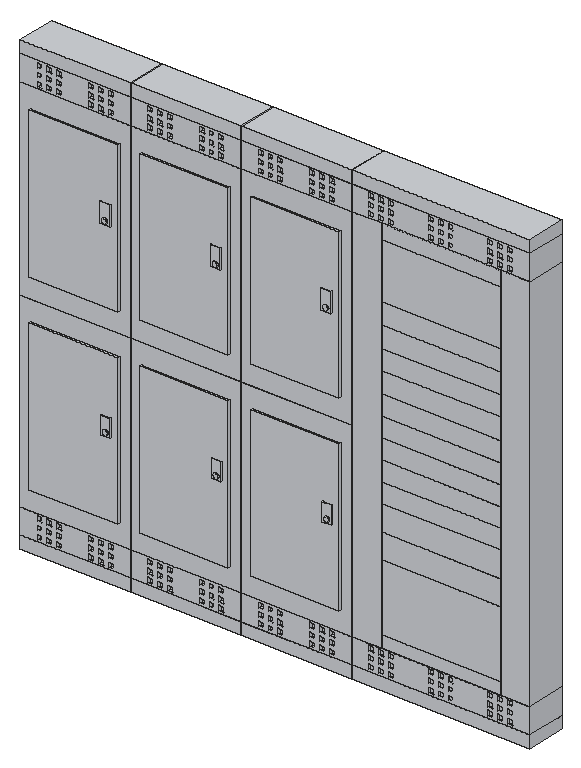
Revit family "Switchboard", category Generic Models, Revit 2025
Family settings
  Can host rebar = No
  Round Connector Dimension = Use Diameter
  Part Type = Normal
  Work Plane-Based = Yes
  Always vertical = Yes
  Cut with Voids When Loaded = No
  Maintain Annotation Orientation = Yes
  Shared = No
  Room Calculation Point = No
Parameters
  Width = 8' - 8"
  Default Elevation = 4' - 0"
Reference planes (in)
  plane 1 "Center (Front/Back)": y = 0
  plane 2: z = 0
  plane 3 "Center (Left/Right)": x = 0
  plane 4: x = -51.875
  plane 5: x = 0
  plane 6: y = 0
  plane 7 "center": z = 46.25
  plane 8: x = 51.875
Dimensions and locks (in)
  plane 5 to plane 4 = 4' - 3 7/8"
  plane 8 to plane 5 = 4' - 3 7/8"
  aligned and locked: level to plane 2
Nested families (in)
  nested 1: "Appliance Panel Top" at (-40.625, 0, 46.25), type "Standard"
  nested 2: "Appliance Panel Top" at (-18.125, 0, 46.25), type "Standard"
  nested 3: "Appliance Panel Top" at (4.375, 0, 46.25), type "Standard"
  nested 4: "Appliance Panel Bottom" at (-40.625, 0, 0), type "Standard"
  nested 5: "Appliance Panel Bottom" at (-18.125, 0, 0), type "Standard"
  nested 6: "Appliance Panel Bottom" at (4.375, 0, 0), type "Standard"
  nested 7: "Main Distribution Panel" at (33.75, 0, 0), type "Standard"
Definition of nested family "Appliance Panel Top"
  Parameters (values of type "Standard")
    Width = 1' - 10 1/2"
    Panel Width = 1' - 6"
    Depth = 0' - 8"
    Default Elevation = 4' - 0"
  Reference planes (in)
    plane 1 "Center (Front/Back)": y = 0
    plane 2: z = 0
    plane 3 "Center (Left/Right)": x = 0
    plane 4: z = 38.75
    plane 5: z = 44
    plane 6: z = 46.5
  Forms (in)
    Extrusion 1, solid
      sketch origin (0, 0, 0) x (1, 0, 0) y (0, 1, 0)
        loop
          line (-11.25, 4) -> (-11.25, -4) -> (11.25, -4) -> (11.25, 4) -> (-11.25, 4)
      from 0 to 38.75
    Extrusion 2, solid
      sketch origin (0, 0, 38.75) x (1, 0, 0) y (0, 1, 0)
        loop
          line (-11.25, 4) -> (-11.25, -4) -> (11.25, -4) -> (11.25, 4) -> (-11.25, 4)
      from 0 to 5.25
    Extrusion 3, solid
      sketch origin (0, 0, 44) x (1, 0, 0) y (0, 1, 0)
        loop
          line (-11.25, 4) -> (-11.25, -4) -> (11.25, -4) -> (11.25, 4) -> (-11.25, 4)
      from 0 to 2.5
    Extrusion 4, solid
      sketch origin (11.25, -4, 38.75) x (-1, 0, 0) y (0, 0, -1)
        loop
          line (20.25, 4.125) -> (20.25, 34.5) -> (2.25, 34.5) -> (2.25, 4.125) -> (20.25, 4.125)
      from 0 to 0.5
    Extrusion 5, solid
      sketch origin (11.25, -4.5, 38.75) x (-1, 0, 0) y (0, 0, -1)
        loop
          line (5.75, 15.5) -> (5.75, 19.5) -> (3.75, 19.5) -> (3.75, 15.5) -> (5.75, 15.5)
      from 0.16797 to 0
    Extrusion 6, solid
      sketch origin (11.25, -4.66797, 38.75) x (-1, 0, 0) y (0, 0, -1)
        loop
          circle (4.75, 18.75) r 0.5
      from 0 to 0.125
    Extrusion 7, void
      sketch origin (11.25, -4, 38.75) x (1, 0, 0) y (0, 0, -1)
        loop
          line (-19, -4.83333) -> (-18, -4.83333) -> (-18, -3.83333) -> (-19, -3.83333) -> (-19, -4.83333)
        loop
          line (-19, -3.125) -> (-18, -3.125) -> (-18, -2.125) -> (-19, -2.125) -> (-19, -3.125)
        loop
          line (-19, -1.4375) -> (-18, -1.4375) -> (-18, -0.4375) -> (-19, -0.4375) -> (-19, -1.4375)
        loop
          line (-17, -4.83333) -> (-16, -4.83333) -> (-16, -3.83333) -> (-17, -3.83333) -> (-17, -4.83333)
        loop
          line (-17, -3.125) -> (-16, -3.125) -> (-16, -2.125) -> (-17, -2.125) -> (-17, -3.125)
        loop
          line (-17, -1.4375) -> (-16, -1.4375) -> (-16, -0.4375) -> (-17, -0.4375) -> (-17, -1.4375)
        loop
          line (-15, -4.83333) -> (-14, -4.83333) -> (-14, -3.83333) -> (-15, -3.83333) -> (-15, -4.83333)
        loop
          line (-15, -3.125) -> (-14, -3.125) -> (-14, -2.125) -> (-15, -2.125) -> (-15, -3.125)
        loop
          line (-15, -1.4375) -> (-14, -1.4375) -> (-14, -0.4375) -> (-15, -0.4375) -> (-15, -1.4375)
        loop
          line (-3.5, -4.83333) -> (-3.5, -3.83333) -> (-4.5, -3.83333) -> (-4.5, -4.83333) -> (-3.5, -4.83333)
        loop
          line (-3.5, -3.125) -> (-3.5, -2.125) -> (-4.5, -2.125) -> (-4.5, -3.125) -> (-3.5, -3.125)
        loop
          line (-3.5, -1.4375) -> (-3.5, -0.4375) -> (-4.5, -0.4375) -> (-4.5, -1.4375) -> (-3.5, -1.4375)
        loop
          line (-5.5, -4.83333) -> (-5.5, -3.83333) -> (-6.5, -3.83333) -> (-6.5, -4.83333) -> (-5.5, -4.83333)
        loop
          line (-5.5, -3.125) -> (-5.5, -2.125) -> (-6.5, -2.125) -> (-6.5, -3.125) -> (-5.5, -3.125)
        loop
          line (-5.5, -1.4375) -> (-5.5, -0.4375) -> (-6.5, -0.4375) -> (-6.5, -1.4375) -> (-5.5, -1.4375)
        loop
          line (-7.5, -4.83333) -> (-7.5, -3.83333) -> (-8.5, -3.83333) -> (-8.5, -4.83333) -> (-7.5, -4.83333)
        loop
          line (-7.5, -3.125) -> (-7.5, -2.125) -> (-8.5, -2.125) -> (-8.5, -3.125) -> (-7.5, -3.125)
        loop
          line (-7.5, -1.4375) -> (-7.5, -0.4375) -> (-8.5, -0.4375) -> (-8.5, -1.4375) -> (-7.5, -1.4375)
      from 0 to 0.5
  Cuts and joins
    Extrusion 7 cuts Extrusion 2
  Dimensions and locks (in)
    equal spacing: Extrusion 1 sketch curve, plane 3 "Center (Left/Right)", Extrusion 1 sketch curve
    equal spacing: Extrusion 1 sketch curve, plane 1 "Center (Front/Back)", Extrusion 1 sketch curve
    "Width": Extrusion 1 sketch curve to Extrusion 1 sketch curve
    "Depth": Extrusion 1 sketch curve to Extrusion 1 sketch curve
    plane 4 to plane 2 = 3' - 2 3/4"
    equal spacing: Extrusion 2 sketch curve, plane 3 "Center (Left/Right)", Extrusion 2 sketch curve
    equal spacing: Extrusion 2 sketch curve, plane 1 "Center (Front/Back)", Extrusion 2 sketch curve
    "Width": Extrusion 2 sketch curve to Extrusion 2 sketch curve
    "Depth": Extrusion 2 sketch curve to Extrusion 2 sketch curve
    plane 5 to plane 4 = 0' - 5 1/4"
    Extrusion 3 sketch curve to Extrusion 3 sketch curve = 1' - 10 1/2"
    equal spacing: Extrusion 3 sketch curve, plane 1 "Center (Front/Back)", Extrusion 3 sketch curve
    "Width": Extrusion 3 sketch curve to Extrusion 3 sketch curve
    "Depth": Extrusion 3 sketch curve to Extrusion 3 sketch curve
    plane 6 to plane 5 = 0' - 2 1/2"
    equal spacing: Extrusion 4 sketch curve, plane 3 "Center (Left/Right)", Extrusion 4 sketch curve
    "Panel Width": Extrusion 4 sketch curve to Extrusion 4 sketch curve
    Extrusion 4 sketch curve to plane 2 = 0' - 4 1/4"
    Extrusion 5 sketch curve to Extrusion 4 = 1' - 3"
    Extrusion 5 sketch curve to Extrusion 4 = 0' - 1 1/2"
    aligned and locked: plane 2 to level
    aligned and locked: plane 4 to Extrusion 1
    aligned and locked: plane 5 to Extrusion 2
    aligned and locked: plane 6 to Extrusion 3
  Automatic sketch dimensions
    Extrusion 5 sketch curve to Extrusion 5 sketch curve = 0' - 2"
    Extrusion 5 sketch curve to Extrusion 5 sketch curve = 0' - 4"
    Extrusion 6 sketch curve to Extrusion 5 = 0' - 1"
    Extrusion 6 sketch curve to Extrusion 5 = 0' - 0 3/4"
    Extrusion 7 sketch curve to Extrusion 2 = 0' - 0.41667"  (x6)
    Extrusion 7 sketch curve to Extrusion 2 = 0' - 3 1/2"
    Extrusion 7 sketch curve to Extrusion 7 sketch curve = 0' - 0"  (x25)
    Extrusion 7 sketch curve to Extrusion 7 sketch curve = 0' - 1"  (x20)
    Extrusion 7 sketch curve to Extrusion 2 = 0' - 2 1/8"
    Extrusion 7 sketch curve to Extrusion 7 sketch curve = 0' - 5 1/2"
    Extrusion 7 sketch curve to Extrusion 2 = 0' - 0 7/16"  (x6)
    Extrusion 7 sketch curve to Extrusion 7 sketch curve = 0' - 0.70833"  (x6)
    Extrusion 7 sketch curve to Extrusion 7 sketch curve = 0' - 0 11/16"  (x6)
    Extrusion 2 sketch curve to Extrusion 1 = 0' - 0"
    Extrusion 3 sketch curve to Extrusion 2 = 0' - 0"  (x2)
    Extrusion 4 sketch curve to Extrusion 2 = 0' - 4 1/8"
    radius of Extrusion 6 sketch curve = 0' - 0 1/2"
Definition of nested family "Appliance Panel Bottom"
  Parameters (values of type "Standard")
    Width = 1' - 10 1/2"
    Panel Width = 1' - 6"
    Depth = 0' - 8"
    Default Elevation = 4' - 0"
  Reference planes (in)
    plane 1 "Center (Front/Back)": y = 0
    plane 2: z = 0
    plane 3 "Center (Left/Right)": x = 0
    plane 4: z = 2.5
    plane 5: z = 7.625
    plane 6: z = 46.25
    plane 7: x = -11.25
    plane 8: z = 5.91667
    plane 9: z = 4.20833
    plane 10: z = 5.0625
    plane 11: z = 6.77083
    plane 12: z = 3.35417
    plane 13: x = 6.6875
  Forms (in)
    Extrusion 1, solid
      sketch origin (0, 0, 0) x (1, 0, 0) y (0, 1, 0)
        loop
          line (-11.25, 4) -> (-11.25, -4) -> (11.25, -4) -> (11.25, 4) -> (-11.25, 4)
      from 0 to 2.5
    Extrusion 2, solid
      sketch origin (0, 0, 2.5) x (1, 0, 0) y (0, 1, 0)
        loop
          line (-11.25, 4) -> (-11.25, -4) -> (11.25, -4) -> (11.25, 4) -> (-11.25, 4)
      from 0 to 5.125
    Extrusion 3, solid
      sketch origin (0, 0, 7.625) x (1, 0, 0) y (0, 1, 0)
        loop
          line (-11.25, 4) -> (-11.25, -4) -> (11.25, -4) -> (11.25, 4) -> (-11.25, 4)
      from 0 to 38.625
    Extrusion 4, void
      sketch origin (11.25, -4, 2.5) x (1, 0, 0) y (0, 0, -1)
        loop
          line (-19, -4.77083) -> (-18, -4.77083) -> (-18, -3.77083) -> (-19, -3.77083) -> (-19, -4.77083)
        loop
          line (-19, -3.0625) -> (-18, -3.0625) -> (-18, -2.0625) -> (-19, -2.0625) -> (-19, -3.0625)
        loop
          line (-19, -1.375) -> (-18, -1.375) -> (-18, -0.375) -> (-19, -0.375) -> (-19, -1.375)
        loop
          line (-17, -4.77083) -> (-16, -4.77083) -> (-16, -3.77083) -> (-17, -3.77083) -> (-17, -4.77083)
        loop
          line (-17, -3.0625) -> (-16, -3.0625) -> (-16, -2.0625) -> (-17, -2.0625) -> (-17, -3.0625)
        loop
          line (-17, -1.375) -> (-16, -1.375) -> (-16, -0.375) -> (-17, -0.375) -> (-17, -1.375)
        loop
          line (-15, -4.77083) -> (-14, -4.77083) -> (-14, -3.77083) -> (-15, -3.77083) -> (-15, -4.77083)
        loop
          line (-15, -3.0625) -> (-14, -3.0625) -> (-14, -2.0625) -> (-15, -2.0625) -> (-15, -3.0625)
        loop
          line (-15, -1.375) -> (-14, -1.375) -> (-14, -0.375) -> (-15, -0.375) -> (-15, -1.375)
        loop
          line (-3.5, -4.77083) -> (-3.5, -3.77083) -> (-4.5, -3.77083) -> (-4.5, -4.77083) -> (-3.5, -4.77083)
        loop
          line (-3.5, -3.0625) -> (-3.5, -2.0625) -> (-4.5, -2.0625) -> (-4.5, -3.0625) -> (-3.5, -3.0625)
        loop
          line (-3.5, -1.375) -> (-3.5, -0.375) -> (-4.5, -0.375) -> (-4.5, -1.375) -> (-3.5, -1.375)
        loop
          line (-5.5, -4.77083) -> (-5.5, -3.77083) -> (-6.5, -3.77083) -> (-6.5, -4.77083) -> (-5.5, -4.77083)
        loop
          line (-5.5, -3.0625) -> (-5.5, -2.0625) -> (-6.5, -2.0625) -> (-6.5, -3.0625) -> (-5.5, -3.0625)
        loop
          line (-5.5, -1.375) -> (-5.5, -0.375) -> (-6.5, -0.375) -> (-6.5, -1.375) -> (-5.5, -1.375)
        loop
          line (-7.5, -4.77083) -> (-7.5, -3.77083) -> (-8.5, -3.77083) -> (-8.5, -4.77083) -> (-7.5, -4.77083)
        loop
          line (-7.5, -3.0625) -> (-7.5, -2.0625) -> (-8.5, -2.0625) -> (-8.5, -3.0625) -> (-7.5, -3.0625)
        loop
          line (-7.5, -1.375) -> (-7.5, -0.375) -> (-8.5, -0.375) -> (-8.5, -1.375) -> (-7.5, -1.375)
      from 0 to 0.5
    Extrusion 5, solid
      sketch origin (11.25, -4, 7.625) x (-1, 0, 0) y (0, 0, -1)
        loop
          line (20.25, -34.5) -> (20.25, -4.125) -> (2.25, -4.125) -> (2.25, -34.5) -> (20.25, -34.5)
      from 0 to 0.5
    Extrusion 6, solid
      sketch origin (11.375, -4.5, 7.625) x (-1, 0, 0) y (0, 0, -1)
        loop
          line (5.625, -23) -> (5.625, -19.375) -> (3.75, -19.375) -> (3.75, -23) -> (5.625, -23)
      from 0.16797 to 0
    Extrusion 7, solid
      sketch origin (11.375, -4.66797, 7.625) x (-1, 0, 0) y (0, 0, -1)
        loop
          circle (4.6875, -20.125) r 0.5
      from 0 to 0.125
    Extrusion 8, solid, not visible
      sketch origin (11.25, -4.75, 56.5) x (-1, 0, 0) y (0, 0, -1)
        loop
          line (20.25, 10.25) -> (20.25, 43.5) -> (2.25, 43.5) -> (2.25, 10.25) -> (20.25, 10.25)
      from 0 to 0.5
    Extrusion 9, solid, not visible
      sketch origin (11.25, -5.25, 56.5) x (-1, 0, 0) y (0, 0, -1)
        loop
          line (5.75, 24.25) -> (5.75, 28.25) -> (3.75, 28.25) -> (3.75, 24.25) -> (5.75, 24.25)
      from 0.16797 to 0
    Extrusion 10, solid, not visible
      sketch origin (11.25, -5.41797, 56.5) x (-1, 0, 0) y (0, 0, -1)
        loop
          circle (4.75, 27.5) r 0.5
      from 0 to 0.125
  Cuts and joins
    Extrusion 4 cuts Extrusion 2
  Dimensions and locks (in)
    equal spacing: Extrusion 1 sketch curve, plane 3 "Center (Left/Right)", Extrusion 1 sketch curve
    "Width": Extrusion 1 sketch curve to Extrusion 1 sketch curve
    plane 4 to plane 2 = 0' - 2 1/2"
    equal spacing: Extrusion 2 sketch curve, plane 3 "Center (Left/Right)", Extrusion 2 sketch curve
    equal spacing: Extrusion 2 sketch curve, plane 1 "Center (Front/Back)", Extrusion 2 sketch curve
    "Width": Extrusion 2 sketch curve to Extrusion 2 sketch curve
    "Depth": Extrusion 2 sketch curve to Extrusion 2 sketch curve
    plane 5 to plane 4 = 0' - 5 1/8"
    equal spacing: Extrusion 3 sketch curve, plane 3 "Center (Left/Right)", Extrusion 3 sketch curve
    "Width": Extrusion 3 sketch curve to Extrusion 3 sketch curve
    plane 6 to plane 5 = 3' - 2 5/8"
    Extrusion 6 sketch curve to Extrusion 5 = 1' - 3 1/4"
    Extrusion 6 sketch curve to Extrusion 5 = 0' - 1 3/8"
    Extrusion 9 sketch curve to Extrusion 8 = 1' - 3 1/4"
    Extrusion 9 sketch curve to Extrusion 8 = 0' - 1 1/2"
    Extrusion 5 to plane 5 = 0' - 4 1/8"
    equal spacing: cut or joined group of Extrusion 2, Extrusion 4, plane 11, plane 8, plane 10, plane 9, plane 12, cut or joined group of Extrusion 2, Extrusion 4
    Extrusion 5 to Extrusion 6 = 0' - 1 3/8"
    Extrusion 6 sketch curve to Extrusion 6 sketch curve = 0' - 1 7/8"
    equal spacing: Extrusion 3 sketch curve, plane 1 "Center (Front/Back)", Extrusion 3 sketch curve
    "Depth": Extrusion 3 sketch curve to Extrusion 3 sketch curve
    equal spacing: Extrusion 1 sketch curve, plane 1 "Center (Front/Back)", Extrusion 1 sketch curve
    "Depth": Extrusion 1 sketch curve to Extrusion 1 sketch curve
    aligned and locked: plane 2 to level
    aligned and locked: plane 4 to Extrusion 1
    aligned and locked: plane 5 to Extrusion 2
    aligned and locked: plane 6 to Extrusion 3
  Automatic sketch dimensions
    Extrusion 9 sketch curve to Extrusion 9 sketch curve = 0' - 2"
    Extrusion 9 sketch curve to Extrusion 9 sketch curve = 0' - 4"
    Extrusion 10 sketch curve to Extrusion 9 = 0' - 1"
    Extrusion 10 sketch curve to Extrusion 9 = 0' - 0 3/4"
    Extrusion 8 sketch curve to Extrusion 8 sketch curve = 1' - 6"
    Extrusion 8 sketch curve to Extrusion 8 sketch curve = 2' - 9 1/4"
    Extrusion 4 sketch curve to Extrusion 2 = 0' - 0.35417"  (x6)
    Extrusion 4 sketch curve to Extrusion 2 = 0' - 3 1/2"
    Extrusion 4 sketch curve to Extrusion 4 sketch curve = 0' - 0"  (x23)
    Extrusion 4 sketch curve to Extrusion 4 sketch curve = 0' - 1"  (x22)
    Extrusion 4 sketch curve to Extrusion 2 = 0' - 2 1/16"
    Extrusion 4 sketch curve to Extrusion 4 sketch curve = 0' - 5 1/2"
    Extrusion 4 sketch curve to Extrusion 2 = 0' - 0 3/8"  (x6)
    Extrusion 4 sketch curve to Extrusion 4 sketch curve = 0' - 0.70833"  (x6)
    Extrusion 4 sketch curve to Extrusion 4 sketch curve = 0' - 0 11/16"  (x6)
    Extrusion 6 sketch curve to Extrusion 6 sketch curve = 0' - 3 5/8"
    Extrusion 7 sketch curve to Extrusion 6 = 0' - 0 15/16"
    Extrusion 7 sketch curve to Extrusion 6 = 0' - 0 3/4"
    Extrusion 5 sketch curve to Extrusion 3 = 0' - 2 1/4"
    Extrusion 3 to Extrusion 5 sketch curve = 0' - 2 1/4"
    Extrusion 3 to Extrusion 5 sketch curve = 0' - 4 1/8"  (x2)
    Extrusion 2 sketch curve to Extrusion 1 = 0' - 0"
    Extrusion 3 sketch curve to Extrusion 2 = 0' - 0"
    radius of Extrusion 10 sketch curve = 0' - 0 1/2"
    radius of Extrusion 7 sketch curve = 0' - 0 1/2"
Definition of nested family "Main Distribution Panel"
  Parameters (values of type "Standard")
    Width = 3' - 0 1/4"
    Deoth = 0' - 8"
    Default Elevation = 0' - 0"
  Reference planes (in)
    plane 1 "Center (Front/Back)": y = 0
    plane 2: z = 0
    plane 3 "Center (Left/Right)": x = 0
    plane 4: z = 2.5
    plane 5: z = 7.625
    plane 6: z = 85.125
    plane 7: z = 101.5
    plane 8: z = 87.6875
  Forms (in)
    Extrusion 1, solid
      sketch origin (0, 0, 0) x (1, 0, 0) y (0, 1, 0)
        loop
          line (-18.125, 4) -> (-18.125, -4) -> (18.125, -4) -> (18.125, 4) -> (-18.125, 4)
      from 0 to 2.5
    Extrusion 2, solid
      sketch origin (0, 0, 2.5) x (1, 0, 0) y (0, 1, 0)
        loop
          line (-18.125, 4) -> (-18.125, -4) -> (18.125, -4) -> (18.125, 4) -> (-18.125, 4)
      from 0 to 5.125
    Extrusion 3, solid
      sketch origin (0, 0, 7.625) x (1, 0, 0) y (0, 1, 0)
        loop
          line (-18.125, 4) -> (-18.125, -4) -> (-12.125, -4) -> (-12.125, 4) -> (-18.125, 4)
        loop
          line (18.125, 4) -> (12.125, 4) -> (12.125, -4) -> (18.125, -4) -> (18.125, 4)
      from 0 to 77.5
    Extrusion 4, solid
      sketch origin (0, 0, 7.625) x (1, 0, 0) y (0, 1, 0)
        loop
          line (-12.125, 4) -> (-12.125, -4) -> (12.125, -4) -> (12.125, 4) -> (-12.125, 4)
      from 0 to 2.375
    Extrusion 5, solid
      sketch origin (0, 0, 10) x (1, 0, 0) y (0, 1, 0)
        loop
          line (-12.125, 4) -> (-12.125, -4) -> (12.125, -4) -> (12.125, 4) -> (-12.125, 4)
      from 0 to 13.75
    Extrusion 6, solid
      sketch origin (0, 0, 23.75) x (1, 0, 0) y (0, 1, 0)
        loop
          line (-12.125, 4) -> (-12.125, -4) -> (12.125, -4) -> (12.125, 4) -> (-12.125, 4)
      from 0 to 5.125
    Extrusion 7, solid
      sketch origin (0, 0, 28.875) x (1, 0, 0) y (0, 1, 0)
        loop
          line (-12.125, 4) -> (-12.125, -4) -> (12.125, -4) -> (12.125, 4) -> (-12.125, 4)
      from 0 to 5.125
    Extrusion 8, solid
      sketch origin (0, 0, 34) x (1, 0, 0) y (0, 1, 0)
        loop
          line (-12.125, 4) -> (-12.125, -4) -> (12.125, -4) -> (12.125, 4) -> (-12.125, 4)
      from 0 to 4
    Extrusion 9, solid
      sketch origin (0, 0, 38) x (1, 0, 0) y (0, 1, 0)
        loop
          line (-12.125, 4) -> (-12.125, -4) -> (12.125, -4) -> (12.125, 4) -> (-12.125, 4)
      from 0 to 4
    Extrusion 10, solid
      sketch origin (0, 0, 42) x (1, 0, 0) y (0, 1, 0)
        loop
          line (-12.125, 4) -> (-12.125, -4) -> (12.125, -4) -> (12.125, 4) -> (-12.125, 4)
      from 0 to 4
    Extrusion 11, solid
      sketch origin (0, 0, 46) x (1, 0, 0) y (0, 1, 0)
        loop
          line (-12.125, 4) -> (-12.125, -4) -> (12.125, -4) -> (12.125, 4) -> (-12.125, 4)
      from 0 to 4
    Extrusion 12, solid
      sketch origin (0, 0, 50) x (1, 0, 0) y (0, 1, 0)
        loop
          line (-12.125, 4) -> (-12.125, -4) -> (12.125, -4) -> (12.125, 4) -> (-12.125, 4)
      from 0 to 4
    Extrusion 13, solid
      sketch origin (0, 0, 54) x (1, 0, 0) y (0, 1, 0)
        loop
          line (-12.125, 4) -> (-12.125, -4) -> (12.125, -4) -> (12.125, 4) -> (-12.125, 4)
      from 0 to 4.25
    Extrusion 14, solid
      sketch origin (0, 0, 58.25) x (1, 0, 0) y (0, 1, 0)
        loop
          line (-12.125, 4) -> (-12.125, -4) -> (12.125, -4) -> (12.125, 4) -> (-12.125, 4)
      from 0 to 4
    Extrusion 15, solid
      sketch origin (0, 0, 62.25) x (1, 0, 0) y (0, 1, 0)
        loop
          line (-12.125, 4) -> (-12.125, -4) -> (12.125, -4) -> (12.125, 4) -> (-12.125, 4)
      from 0 to 4.25
    Extrusion 16, solid
      sketch origin (0, 0, 66.5) x (1, 0, 0) y (0, 1, 0)
        loop
          line (-12.125, 4) -> (-12.125, -4) -> (12.125, -4) -> (12.125, 4) -> (-12.125, 4)
      from 0 to 4.25
    Extrusion 17, solid
      sketch origin (0, 0, 70.75) x (1, 0, 0) y (0, 1, 0)
        loop
          line (-12.125, 4) -> (-12.125, -4) -> (12.125, -4) -> (12.125, 4) -> (-12.125, 4)
      from 0 to 11.25
    Extrusion 18, solid
      sketch origin (0, 0, 90.25) x (1, 0, 0) y (0, 1, 0)
        loop
          line (-18.125, 4) -> (-18.125, -4) -> (18.125, -4) -> (18.125, 4) -> (-18.125, 4)
      from 0 to 2.5
    Extrusion 19, solid
      sketch origin (0, 0, 85.125) x (1, 0, 0) y (0, 1, 0)
        loop
          line (-18.125, 4) -> (-18.125, -4) -> (18.125, -4) -> (18.125, 4) -> (-18.125, 4)
      from 0 to 5.125
    Extrusion 20, void
      sketch origin (18.125, -4, 85.125) x (1, 0, 0) y (0, 0, -1)
        loop
          line (-3.54167, 77.79167) -> (-3.54167, 78.79167) -> (-4.54167, 78.79167) -> (-4.54167, 77.79167) -> (-3.54167, 77.79167)
        loop
          line (-3.54167, 79.5) -> (-3.54167, 80.5) -> (-4.54167, 80.5) -> (-4.54167, 79.5) -> (-3.54167, 79.5)
        loop
          line (-3.54167, 81.1875) -> (-3.54167, 82.1875) -> (-4.54167, 82.1875) -> (-4.54167, 81.1875) -> (-3.54167, 81.1875)
        loop
          line (-5.54167, 77.79167) -> (-5.54167, 78.79167) -> (-6.54167, 78.79167) -> (-6.54167, 77.79167) -> (-5.54167, 77.79167)
        loop
          line (-5.54167, 79.5) -> (-5.54167, 80.5) -> (-6.54167, 80.5) -> (-6.54167, 79.5) -> (-5.54167, 79.5)
        loop
          line (-5.54167, 81.1875) -> (-5.54167, 82.1875) -> (-6.54167, 82.1875) -> (-6.54167, 81.1875) -> (-5.54167, 81.1875)
        loop
          line (-7.54167, 77.79167) -> (-7.54167, 78.79167) -> (-8.54167, 78.79167) -> (-8.54167, 77.79167) -> (-7.54167, 77.79167)
        loop
          line (-7.54167, 79.5) -> (-7.54167, 80.5) -> (-8.54167, 80.5) -> (-8.54167, 79.5) -> (-7.54167, 79.5)
        loop
          line (-7.54167, 81.1875) -> (-7.54167, 82.1875) -> (-8.54167, 82.1875) -> (-8.54167, 81.1875) -> (-7.54167, 81.1875)
        loop
          line (-15.625, 77.79167) -> (-15.625, 78.79167) -> (-16.625, 78.79167) -> (-16.625, 77.79167) -> (-15.625, 77.79167)
        loop
          line (-15.625, 79.5) -> (-15.625, 80.5) -> (-16.625, 80.5) -> (-16.625, 79.5) -> (-15.625, 79.5)
        loop
          line (-15.625, 81.1875) -> (-15.625, 82.1875) -> (-16.625, 82.1875) -> (-16.625, 81.1875) -> (-15.625, 81.1875)
        loop
          line (-17.625, 77.79167) -> (-17.625, 78.79167) -> (-18.625, 78.79167) -> (-18.625, 77.79167) -> (-17.625, 77.79167)
        loop
          line (-17.625, 79.5) -> (-17.625, 80.5) -> (-18.625, 80.5) -> (-18.625, 79.5) -> (-17.625, 79.5)
        loop
          line (-17.625, 81.1875) -> (-17.625, 82.1875) -> (-18.625, 82.1875) -> (-18.625, 81.1875) -> (-17.625, 81.1875)
        loop
          line (-19.625, 77.79167) -> (-19.625, 78.79167) -> (-20.625, 78.79167) -> (-20.625, 77.79167) -> (-19.625, 77.79167)
        loop
          line (-19.625, 79.5) -> (-19.625, 80.5) -> (-20.625, 80.5) -> (-20.625, 79.5) -> (-19.625, 79.5)
        loop
          line (-19.625, 81.1875) -> (-19.625, 82.1875) -> (-20.625, 82.1875) -> (-20.625, 81.1875) -> (-19.625, 81.1875)
        loop
          line (-27.70833, 77.79167) -> (-27.70833, 78.79167) -> (-28.70833, 78.79167) -> (-28.70833, 77.79167) -> (-27.70833, 77.79167)
        loop
          line (-27.70833, 79.5) -> (-27.70833, 80.5) -> (-28.70833, 80.5) -> (-28.70833, 79.5) -> (-27.70833, 79.5)
        loop
          line (-27.70833, 81.1875) -> (-27.70833, 82.1875) -> (-28.70833, 82.1875) -> (-28.70833, 81.1875) -> (-27.70833, 81.1875)
        loop
          line (-29.70833, 77.79167) -> (-29.70833, 78.79167) -> (-30.70833, 78.79167) -> (-30.70833, 77.79167) -> (-29.70833, 77.79167)
        loop
          line (-29.70833, 79.5) -> (-29.70833, 80.5) -> (-30.70833, 80.5) -> (-30.70833, 79.5) -> (-29.70833, 79.5)
        loop
          line (-29.70833, 81.1875) -> (-29.70833, 82.1875) -> (-30.70833, 82.1875) -> (-30.70833, 81.1875) -> (-29.70833, 81.1875)
        loop
          line (-31.70833, 77.79167) -> (-31.70833, 78.79167) -> (-32.70833, 78.79167) -> (-32.70833, 77.79167) -> (-31.70833, 77.79167)
        loop
          line (-31.70833, 79.5) -> (-31.70833, 80.5) -> (-32.70833, 80.5) -> (-32.70833, 79.5) -> (-31.70833, 79.5)
        loop
          line (-31.70833, 81.1875) -> (-31.70833, 82.1875) -> (-32.70833, 82.1875) -> (-32.70833, 81.1875) -> (-31.70833, 81.1875)
        loop
          line (-3.54167, -4.77083) -> (-3.54167, -3.77083) -> (-4.54167, -3.77083) -> (-4.54167, -4.77083) -> (-3.54167, -4.77083)
        loop
          line (-3.54167, -3.0625) -> (-3.54167, -2.0625) -> (-4.54167, -2.0625) -> (-4.54167, -3.0625) -> (-3.54167, -3.0625)
        loop
          line (-3.54167, -1.375) -> (-3.54167, -0.375) -> (-4.54167, -0.375) -> (-4.54167, -1.375) -> (-3.54167, -1.375)
        loop
          line (-5.54167, -4.77083) -> (-5.54167, -3.77083) -> (-6.54167, -3.77083) -> (-6.54167, -4.77083) -> (-5.54167, -4.77083)
        loop
          line (-5.54167, -3.0625) -> (-5.54167, -2.0625) -> (-6.54167, -2.0625) -> (-6.54167, -3.0625) -> (-5.54167, -3.0625)
        loop
          line (-5.54167, -1.375) -> (-5.54167, -0.375) -> (-6.54167, -0.375) -> (-6.54167, -1.375) -> (-5.54167, -1.375)
        loop
          line (-7.54167, -4.77083) -> (-7.54167, -3.77083) -> (-8.54167, -3.77083) -> (-8.54167, -4.77083) -> (-7.54167, -4.77083)
        loop
          line (-7.54167, -3.0625) -> (-7.54167, -2.0625) -> (-8.54167, -2.0625) -> (-8.54167, -3.0625) -> (-7.54167, -3.0625)
        loop
          line (-7.54167, -1.375) -> (-7.54167, -0.375) -> (-8.54167, -0.375) -> (-8.54167, -1.375) -> (-7.54167, -1.375)
        loop
          line (-15.625, -4.77083) -> (-15.625, -3.77083) -> (-16.625, -3.77083) -> (-16.625, -4.77083) -> (-15.625, -4.77083)
        loop
          line (-15.625, -3.0625) -> (-15.625, -2.0625) -> (-16.625, -2.0625) -> (-16.625, -3.0625) -> (-15.625, -3.0625)
        loop
          line (-15.625, -1.375) -> (-15.625, -0.375) -> (-16.625, -0.375) -> (-16.625, -1.375) -> (-15.625, -1.375)
        loop
          line (-17.625, -4.77083) -> (-17.625, -3.77083) -> (-18.625, -3.77083) -> (-18.625, -4.77083) -> (-17.625, -4.77083)
        loop
          line (-17.625, -3.0625) -> (-17.625, -2.0625) -> (-18.625, -2.0625) -> (-18.625, -3.0625) -> (-17.625, -3.0625)
        loop
          line (-17.625, -1.375) -> (-17.625, -0.375) -> (-18.625, -0.375) -> (-18.625, -1.375) -> (-17.625, -1.375)
        loop
          line (-19.625, -4.77083) -> (-19.625, -3.77083) -> (-20.625, -3.77083) -> (-20.625, -4.77083) -> (-19.625, -4.77083)
        loop
          line (-19.625, -3.0625) -> (-19.625, -2.0625) -> (-20.625, -2.0625) -> (-20.625, -3.0625) -> (-19.625, -3.0625)
        loop
          line (-19.625, -1.375) -> (-19.625, -0.375) -> (-20.625, -0.375) -> (-20.625, -1.375) -> (-19.625, -1.375)
        loop
          line (-27.70833, -4.77083) -> (-27.70833, -3.77083) -> (-28.70833, -3.77083) -> (-28.70833, -4.77083) -> (-27.70833, -4.77083)
        loop
          line (-27.70833, -3.0625) -> (-27.70833, -2.0625) -> (-28.70833, -2.0625) -> (-28.70833, -3.0625) -> (-27.70833, -3.0625)
        loop
          line (-27.70833, -1.375) -> (-27.70833, -0.375) -> (-28.70833, -0.375) -> (-28.70833, -1.375) -> (-27.70833, -1.375)
        loop
          line (-29.70833, -4.77083) -> (-29.70833, -3.77083) -> (-30.70833, -3.77083) -> (-30.70833, -4.77083) -> (-29.70833, -4.77083)
        loop
          line (-29.70833, -3.0625) -> (-29.70833, -2.0625) -> (-30.70833, -2.0625) -> (-30.70833, -3.0625) -> (-29.70833, -3.0625)
        loop
          line (-29.70833, -1.375) -> (-29.70833, -0.375) -> (-30.70833, -0.375) -> (-30.70833, -1.375) -> (-29.70833, -1.375)
        loop
          line (-31.70833, -4.77083) -> (-31.70833, -3.77083) -> (-32.70833, -3.77083) -> (-32.70833, -4.77083) -> (-31.70833, -4.77083)
        loop
          line (-31.70833, -3.0625) -> (-31.70833, -2.0625) -> (-32.70833, -2.0625) -> (-32.70833, -3.0625) -> (-31.70833, -3.0625)
        loop
          line (-31.70833, -1.375) -> (-31.70833, -0.375) -> (-32.70833, -0.375) -> (-32.70833, -1.375) -> (-31.70833, -1.375)
      from 0 to 0.25
    Extrusion 21, solid
      sketch origin (0, 0, 82) x (1, 0, 0) y (0, 1, 0)
        loop
          line (-12.125, 4) -> (-12.125, -4) -> (12.125, -4) -> (12.125, 4) -> (-12.125, 4)
      from 0 to 3.125
  Cuts and joins
    Extrusion 20 cuts Extrusion 2
    Extrusion 20 cuts Extrusion 19
  Dimensions and locks (in)
    equal spacing: Extrusion 1 sketch curve, plane 1 "Center (Front/Back)", Extrusion 1 sketch curve
    "Deoth": Extrusion 1 sketch curve to Extrusion 1 sketch curve
    equal spacing: Extrusion 1 sketch curve, plane 3 "Center (Left/Right)", Extrusion 1 sketch curve
    "Width": Extrusion 1 sketch curve to Extrusion 1 sketch curve
    plane 4 to plane 2 = 0' - 2 1/2"
    Extrusion 2 sketch curve to Extrusion 2 sketch curve = 0' - 8"
    "Deoth": Extrusion 2 sketch curve to Extrusion 2 sketch curve
    Extrusion 2 sketch curve to Extrusion 2 sketch curve = 3' - 0 1/4"
    "Width": Extrusion 2 sketch curve to Extrusion 2 sketch curve
    plane 5 to plane 4 = 0' - 5 1/8"
    "Deoth": Extrusion 3 sketch curve to Extrusion 3 sketch curve
    plane 6 to plane 5 = 6' - 5 1/2"
    Extrusion 2 to Extrusion 3 sketch curve = 0' - 6"
    Extrusion 4 sketch curve to Extrusion 4 sketch curve = 0' - 8"
    "Deoth": Extrusion 4 sketch curve to Extrusion 4 sketch curve
    Extrusion 5 sketch curve to Extrusion 5 sketch curve = 0' - 8"
    "Deoth": Extrusion 5 sketch curve to Extrusion 5 sketch curve
    Extrusion 6 sketch curve to Extrusion 6 sketch curve = 0' - 8"
    "Deoth": Extrusion 6 sketch curve to Extrusion 6 sketch curve
    Extrusion 7 sketch curve to Extrusion 7 sketch curve = 0' - 8"
    "Deoth": Extrusion 7 sketch curve to Extrusion 7 sketch curve
    Extrusion 8 sketch curve to Extrusion 8 sketch curve = 0' - 8"
    "Deoth": Extrusion 8 sketch curve to Extrusion 8 sketch curve
    Extrusion 9 sketch curve to Extrusion 9 sketch curve = 0' - 8"
    "Deoth": Extrusion 9 sketch curve to Extrusion 9 sketch curve
    Extrusion 10 sketch curve to Extrusion 10 sketch curve = 0' - 8"
    "Deoth": Extrusion 10 sketch curve to Extrusion 10 sketch curve
    Extrusion 11 sketch curve to Extrusion 11 sketch curve = 0' - 8"
    "Deoth": Extrusion 11 sketch curve to Extrusion 11 sketch curve
    Extrusion 12 sketch curve to Extrusion 12 sketch curve = 0' - 8"
    "Deoth": Extrusion 12 sketch curve to Extrusion 12 sketch curve
    Extrusion 15 to Extrusion 15 to Extrusion 13 to Extrusion 12 to Extrusion 12 to Extrusion 11 to Extrusion 10 to Extrusion 9 to Extrusion 8 to Extrusion 7 to Extrusion 6 = 0' - 4 1/4", 0' - 4", 0' - 4 1/4", 0' - 4", 0' - 4", 0' - 4", 0' - 4", 0' - 4", 0' - 5 1/8", 0' - 5 1/8"
    Extrusion 13 sketch curve to Extrusion 13 sketch curve = 0' - 8"
    "Deoth": Extrusion 13 sketch curve to Extrusion 13 sketch curve
    Extrusion 14 sketch curve to Extrusion 14 sketch curve = 0' - 8"
    "Deoth": Extrusion 14 sketch curve to Extrusion 14 sketch curve
    Extrusion 15 sketch curve to Extrusion 15 sketch curve = 0' - 8"
    "Deoth": Extrusion 15 sketch curve to Extrusion 15 sketch curve
    Extrusion 16 sketch curve to Extrusion 16 sketch curve = 0' - 8"
    "Deoth": Extrusion 16 sketch curve to Extrusion 16 sketch curve
    Extrusion 17 sketch curve to Extrusion 17 sketch curve = 0' - 8"
    "Deoth": Extrusion 17 sketch curve to Extrusion 17 sketch curve
    plane 7 to plane 2 = 8' - 5 1/2"
    Extrusion 18 sketch curve to Extrusion 18 sketch curve = 0' - 8"
    "Deoth": Extrusion 18 sketch curve to Extrusion 18 sketch curve
    Extrusion 18 sketch curve to Extrusion 18 sketch curve = 3' - 0 1/4"
    "Width": Extrusion 18 sketch curve to Extrusion 18 sketch curve
    Extrusion 19 sketch curve to Extrusion 19 sketch curve = 0' - 8"
    "Deoth": Extrusion 19 sketch curve to Extrusion 19 sketch curve
    Extrusion 19 sketch curve to Extrusion 19 sketch curve = 3' - 0 1/4"
    "Width": Extrusion 19 sketch curve to Extrusion 19 sketch curve
    Extrusion 6 to Extrusion 5 = 1' - 1 3/4"
    Extrusion 21 sketch curve to Extrusion 21 sketch curve = 0' - 8"
    "Deoth": Extrusion 21 sketch curve to Extrusion 21 sketch curve
    aligned and locked: plane 2 to level
    aligned and locked: plane 4 to Extrusion 1
    aligned and locked: plane 5 to Extrusion 2
    aligned and locked: plane 6 to Extrusion 3
    aligned and locked: plane 6 to Extrusion 21
  Automatic sketch dimensions
    Extrusion 20 sketch curve to Extrusion 19 = 0' - 0 3/8"  (x9)
    Extrusion 20 sketch curve to Extrusion 19 = 0' - 3.54167"  (x2)
    Extrusion 20 sketch curve to Extrusion 20 sketch curve = 0' - 0"  (x84)
    Extrusion 20 sketch curve to Extrusion 20 sketch curve = 0' - 1"  (x71)
    Extrusion 20 sketch curve to Extrusion 19 = 0' - 0.35417"  (x9)
    Extrusion 20 sketch curve to Extrusion 20 sketch curve = 0' - 7.08333"  (x4)
    Extrusion 20 sketch curve to Extrusion 20 sketch curve = 0' - 0.70833"  (x18)
    Extrusion 20 sketch curve to Extrusion 20 sketch curve = 0' - 0 11/16"  (x18)
    Extrusion 19 to Extrusion 20 sketch curve = 6' - 5.79167"
    Extrusion 2 sketch curve to Extrusion 1 = 0' - 0"  (x2)
    Extrusion 3 sketch curve to Extrusion 2 = 0' - 0"  (x4)
    Extrusion 2 to Extrusion 3 sketch curve = 0' - 0"
    Extrusion 3 sketch curve to Extrusion 3 sketch curve = 0' - 6"
    Extrusion 2 to Extrusion 4 sketch curve = 0' - 0"
    Extrusion 4 sketch curve to Extrusion 2 = 0' - 6"  (x2)
    Extrusion 5 sketch curve to Extrusion 4 = 0' - 0"  (x2)
    Extrusion 4 to Extrusion 5 sketch curve = 0' - 0"
    Extrusion 6 sketch curve to Extrusion 5 = 0' - 0"  (x2)
    Extrusion 5 to Extrusion 6 sketch curve = 0' - 0"
    Extrusion 7 sketch curve to Extrusion 6 = 0' - 0"  (x2)
    Extrusion 6 to Extrusion 7 sketch curve = 0' - 0"
    Extrusion 8 sketch curve to Extrusion 7 = 0' - 0"  (x2)
    Extrusion 7 to Extrusion 8 sketch curve = 0' - 0"
    Extrusion 9 sketch curve to Extrusion 8 = 0' - 0"  (x2)
    Extrusion 8 to Extrusion 9 sketch curve = 0' - 0"
    Extrusion 10 sketch curve to Extrusion 9 = 0' - 0"  (x2)
    Extrusion 9 to Extrusion 10 sketch curve = 0' - 0"
    Extrusion 11 sketch curve to Extrusion 10 = 0' - 0"  (x2)
    Extrusion 10 to Extrusion 11 sketch curve = 0' - 0"
    Extrusion 12 sketch curve to Extrusion 11 = 0' - 0"  (x2)
    Extrusion 11 to Extrusion 12 sketch curve = 0' - 0"
    Extrusion 13 sketch curve to Extrusion 12 = 0' - 0"  (x2)
    Extrusion 12 to Extrusion 13 sketch curve = 0' - 0"
    Extrusion 14 sketch curve to Extrusion 13 = 0' - 0"  (x2)
    Extrusion 13 to Extrusion 14 sketch curve = 0' - 0"
    Extrusion 15 sketch curve to Extrusion 14 = 0' - 0"  (x2)
    Extrusion 14 to Extrusion 15 sketch curve = 0' - 0"
    Extrusion 16 sketch curve to Extrusion 15 = 0' - 0"  (x2)
    Extrusion 15 to Extrusion 16 sketch curve = 0' - 0"
    Extrusion 17 sketch curve to Extrusion 16 = 0' - 0"  (x2)
    Extrusion 16 to Extrusion 17 sketch curve = 0' - 0"
    Extrusion 18 sketch curve to Extrusion 19 = 0' - 0"  (x2)
    Extrusion 19 sketch curve to Extrusion 3 = 0' - 0"  (x2)
    Extrusion 21 sketch curve to Extrusion 17 = 0' - 0"  (x2)
    Extrusion 17 to Extrusion 21 sketch curve = 0' - 0"
